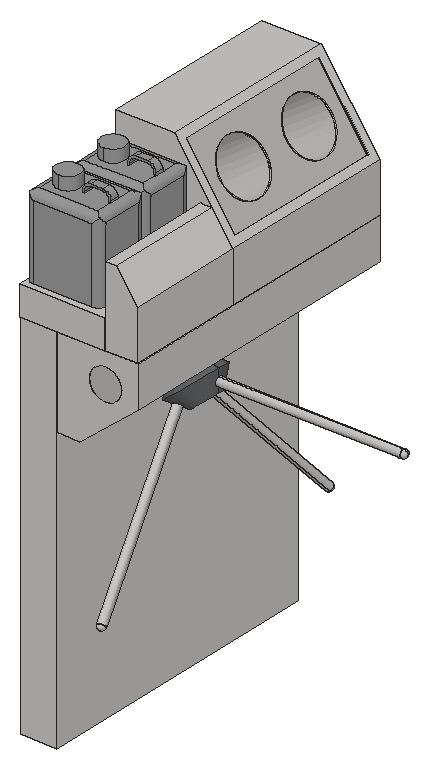
Revit family "CAME_Турникет_Трипод_AVIR_800", category Специальное оборудование, Revit 2019
Family settings
  Размер круглого соединителя = Использовать диаметр
  Тип детали = Нормальный
  На основе рабочей плоскости = Нет
  Всегда вертикально = Да
  При загрузке вырезать с полостями = Нет
  Общий = Нет
  Точка расчета площади = Нет
Parameters
  Описание = "Турникет-трипод электромеханический высокоинтенсивный AVIR 800 со встроенным санитайзером. Корпус и преграды из нержавеющей стали AISI 304. Оснащен платой управления и светодиодными указателями прохода. Стандартные преграждающие планки с гидравлической доводкой и автоматической разблокировкой при отключении электроэнергии. Встроенный блок питания. IP54. Емкость баков 5 + 5 литров. Средний расход антисептика: 1 литр на 110 проходов."
  Минимальная ширина проема = 783 mm  # constant formula
  Изготовитель = "CAME"  # constant formula
  Группа модели = "Турникеты"
  Watermark [instance] = "Модели защищены уникальным кодом"
  URL = "https://camerussia.com"
  CAME_Тип механизма турникета = "электромеханический"  # constant formula
  CAME_Напряжение электропитания двигателя (В) = 24 V  # constant formula
  CAME_Максимальное количество проходов в минуту = "97"  # constant formula
  CAME_Класс защиты (IP) = "54"  # constant formula
  CAME_Интенсивность использования (%) = "ИНТЕНСИВНОЕ"  # constant formula
  CAME_Диапазон рабочих температур (°C) = "-20 ÷ +68"  # constant formula
  BL_Разработано = "support@bimlib.pro"  # constant formula
  BL_Email = "cru.info@came.com"  # constant formula
  BL_BIM library = "https://bimlib.pro/manufacturer/came/cf0b6efe-31e5-4ffa-b7ea-1d6fa84041d4/?tab=products"
  ADSK_Размер_Ширина = 763 mm  # constant formula
  ADSK_Размер_Глубина = 750 mm  # constant formula
  ADSK_Размер_Высота = 1263 mm  # constant formula
  ADSK_Полная мощность = ADSK_Номинальная мощность / ADSK_Коэффициент мощности  # 46.875 VA
  ADSK_Обозначение = "ТУ 26.30.50-001-89603926-2021"  # constant formula
  ADSK_Номинальная мощность = 45 W  # constant formula
  ADSK_Напряжение = 230 V  # constant formula
  ADSK_Наименование краткое = "Турникет-трипод AVIR 800"  # constant formula
  ADSK_Наименование = "Турникет-трипод электромеханический высокоинтенсивный AVIR 800 со встроенным санитайзером"  # constant formula
  ADSK_Масса_Текст = "45 кг"  # constant formula
  ADSK_Масса = 45  # constant formula
  ADSK_Марка = "АРТ:001AVIR800"  # constant formula
  ADSK_Коэффициент мощности = 0.96
  ADSK_Количество фаз = 1  # constant formula
  ADSK_Количество = 1  # constant formula
  ADSK_Код изделия = "Код КСР 26.30.50.119.61.2.07.09"  # constant formula
  ADSK_Классификация нагрузок = Прочее
  ADSK_Завод-изготовитель = "CAME"  # constant formula
  ADSK_Единица измерения = "шт."  # constant formula
  ADSK_Группирование = "AVIR"  # constant formula
  ADSK_Версия семейства = "1.0"  # constant formula
  ADSK_Версия Revit = "2019"  # constant formula
  ADSK_URL страницы изделия = "https://camerussia.com/product/001avir800/"
  ADSK_URL документации изделия = "https://camerussia.com/uploads/support/instructions/files/AVIR%20800%20.pdf"
Reference planes
  plane 1 "По центру (Вперед/Назад)": y = 0
  plane 2: z = 0
  plane 3 "По центру (Влево/Вправо)": x = 0
  plane 4: y = 375
  plane 5: y = -375
  plane 6: z = 1263
  plane 7: x = 763
  plane 8: z = 705
  plane 9: x = 293
  plane 10: x = 783
  plane 11: z = 930
  plane 12: x = 148
  plane 13: x = 90
  plane 14: y = -125
  plane 15: y = -80
  plane 16: z = 1055
Forms (mm)
  Extrusion 1, solid, material "CAME_Сталь_Нержавеющая_AISI 304", detail levels fine
    sketch origin (0, 0, 0) x (1, 0, 0) y (0, 0, 1)
      loop
        line (90, 705) -> (148, 705) -> (293, 826.669) -> (293, 930) -> (90, 930) -> (90, 705)
    from -375 to 375
  Extrusion 2, solid, material "CAME_Стекло_Закаленное_Черное", detail levels fine
    sketch origin (866.16, -375, 1200) x (1, 0, 0) y (0, 0, 1)
      loop
        circle (-653.16, -345) r 40
    from 0 to 2
  Extrusion 3, solid, material "CAME_Стекло_Закаленное_Черное", detail levels fine
    sketch origin (-872.529, 375, 1200) x (-1, 0, 0) y (0, 0, 1)
      loop
        circle (-1085.529, -345) r 40
    from 0 to 2
  Extrusion 4, solid, material "CAME_Сталь_Нержавеющая_AISI 304", detail levels medium
    sketch origin (0, 0, 0) x (1, 0, 0) y (0, 0, 1)
      loop
        line (90, 705) -> (148, 705) -> (293, 826.669) -> (293, 930) -> (0, 930) -> (0, 0) -> (90, 0) -> (90, 705)
    from -375 to 375
  Extrusion 5, solid, material "CAME_Сталь_Нержавеющая_AISI 304", detail levels fine
    sketch origin (0, 0, 0) x (1, 0, 0) y (0, 1, 0)
      loop
        line (0, 375) -> (0, -375) -> (90, -375) -> (90, 375) -> (0, 375)
    from 0 to 930
  Extrusion 6, solid, material "CAME_Сталь_Нержавеющая_AISI 304", detail levels fine
    sketch origin (0, 0, 0) x (1, 0, 0) y (0, 0, 1)
      loop
        line (0, 931) -> (293, 931) -> (293, 1055) -> (147.357, 1263) -> (0, 1263) -> (0, 931)
    from -375 to 80
  Extrusion 7, void
    sketch origin (293, 0, 1055) x (-0.573576, 0, 0.819152) y (0, -1, 0)
      loop
        line (233.921, -355) -> (233.921, 60) -> (20, 60) -> (20, -355) -> (233.921, -355)
    from 0 to -5
  Extrusion 8, void
    sketch origin (288.904, 0, 1052.132) x (-0.573576, 0, 0.819152) y (0, -1, 0)
      loop
        circle (126.961, -45) r 70
      loop
        circle (126.961, -250) r 70
    from 0 to -190
  Extrusion 9, solid, material "CAME_Сталь_Нержавеющая_AISI 304", detail levels medium
    sketch origin (0, 0, 0) x (1, 0, 0) y (0, 0, 1)
      loop
        line (293, 930) -> (293, 1055) -> (147.357, 1263) -> (0, 1263) -> (0, 930) -> (293, 930)
    from -375 to 80
  Extrusion 10, solid, material "CAME_Стекло_Закаленное_Черное", detail levels fine
    sketch origin (288.904, 0, 1052.132) x (-0.573576, 0, 0.819152) y (0, -1, 0)
      loop
        line (233.921, -355) -> (233.921, 60) -> (20, 60) -> (20, -355) -> (233.921, -355)
      loop
        circle (126.961, -45) r 70
      loop
        circle (126.961, -250) r 70
    from 0 to 5
  Extrusion 11, solid, material "CAME_Сталь_Нержавеющая_AISI 304", detail levels medium+fine
    sketch origin (866.16, -375, 1200) x (1, 0, 0) y (0, 0, 1)
      loop
        line (-653.16, -269) -> (-573.16, -269) -> (-573.16, -145) -> (-625.675, -70) -> (-653.16, -70) -> (-653.16, -269)
      loop
        line (-866.16, -195) -> (-866.16, -269) -> (-654.16, -269) -> (-654.16, -195) -> (-866.16, -195)
    from -295 to 2
Cuts and joins
  Extrusion 7, Extrusion 8 cuts Extrusion 6
Lines and regions (mm)
  model lines, style "CAME", detail levels coarse
    curve 1: line (0, 375, 0) -> (293, 375, 0)
    curve 2: line (0, -375, 0) -> (0, 375, 0)
    curve 3: line (293, -375, 0) -> (0, -375, 0)
    curve 4: line (293, 375, 0) -> (293, -375, 0)
    curve 5: line (293, -125, 0) -> (763, -125, 0)
    curve 6: line (293, -125, 0) -> (353.777, 219.683, 0)
    curve 7: line (293, -125, 0) -> (353.777, -469.683, 0)
    curve 8: line (90, 375, 0) -> (90, -375, 0)
Dimensions and locks
  equal spacing: plane 5, plane 1 "По центру (Вперед/Назад)", plane 4
  "ADSK_Размер_Глубина": plane 5 to plane 4
  locked: plane 11 to plane 8 at 225
  "ADSK_Размер_Ширина": plane 3 "По центру (Влево/Вправо)" to plane 7
  "Минимальная ширина проема": plane 3 "По центру (Влево/Вправо)" to plane 10
  locked: plane 3 "По центру (Влево/Вправо)" to plane 9 at 293
  locked: plane 12 to plane 9 at 145
  locked: plane 11 to Extrusion 2 sketch curve at 75
  locked: plane 9 to Extrusion 2 sketch curve at 80
  locked: plane 13 to plane 3 "По центру (Влево/Вправо)" at 90
  locked: plane 5 to plane 14 at 250
  locked: plane 11 to plane 2 at 930
  "ADSK_Размер_Высота": plane 6 to plane 2
  locked: plane 15 to plane 5 at 295
  locked: plane 16 to plane 11 at 125
  Extrusion 6 sketch curve to plane 11 = 1 mm
  locked: Extrusion 6 to Extrusion 7 sketch curve at 20  (x3)
  locked: Extrusion 7 sketch curve to Extrusion 6 at 20
  equal spacing: cut or joined group of Extrusion 6, Extrusion 7, Extrusion 8, Extrusion 8 sketch curve, cut or joined group of Extrusion 6, Extrusion 7, Extrusion 8  (x2)
  locked: Extrusion 8 sketch curve to Extrusion 8 sketch curve at 205
  locked: cut or joined group of Extrusion 6, Extrusion 7, Extrusion 8 to Extrusion 8 sketch curve at 125
  locked: Extrusion 11 sketch curve to plane 11 at 200
  locked: Extrusion 11 sketch curve to plane 11 at 75
  locked: plane 9 to Extrusion 11 sketch curve at 80
  locked: Extrusion 11 sketch curve to Extrusion 11 sketch curve at 1
  locked: plane 8 to Extrusion 1 sketch curve (angle 40.00°)
  locked: Extrusion 6 sketch curve to plane 16 (angle 55.00°)
  aligned and locked: level to plane 2
  aligned and locked: plane 9 to Extrusion 1 sketch curve
  aligned and locked: Extrusion 1 sketch curve to plane 8
  aligned and locked: plane 12 to Extrusion 1 sketch curve
  aligned and locked: plane 11 to Extrusion 1 sketch curve
  aligned and locked: plane 4 to Extrusion 1
  aligned and locked: plane 5 to Extrusion 1
  aligned and locked: Extrusion 3 sketch curve to Extrusion 2  (x2)
  aligned and locked: Extrusion 1 to Extrusion 4 sketch curve
  aligned and locked: Extrusion 4 sketch curve to Extrusion 1  (x2)
  aligned and locked: plane 4 to Extrusion 4
  aligned and locked: plane 5 to Extrusion 4
  aligned and locked: plane 13 to Extrusion 5 sketch curve
  aligned and locked: Extrusion 5 sketch curve to plane 4
  aligned and locked: plane 3 "По центру (Влево/Вправо)" to Extrusion 5 sketch curve
  aligned and locked: Extrusion 5 sketch curve to plane 5
  aligned and locked: plane 11 to Extrusion 5
  aligned and locked: Extrusion 5 to level
  aligned and locked: plane 13 to Extrusion 1 sketch curve
  aligned and locked: plane 3 "По центру (Влево/Вправо)" to Extrusion 4 sketch curve
  aligned and locked: plane 2 to Extrusion 4 sketch curve
  aligned and locked: plane 13 to Extrusion 4 sketch curve
  aligned and locked: nested 1 to plane 14
  aligned and locked: plane 11 to Extrusion 4 sketch curve
  aligned and locked: plane 9 to Extrusion 6 sketch curve
  aligned and locked: plane 16 to Extrusion 6 sketch curve
  aligned and locked: plane 4 to Extrusion 6
  aligned and locked: Extrusion 6 to plane 15
  aligned and locked: Extrusion 9 sketch curve to cut or joined group of Extrusion 6, Extrusion 7, Extrusion 8  (x4)
  aligned and locked: Extrusion 9 sketch curve to plane 11
  aligned and locked: plane 4 to Extrusion 9
  aligned and locked: Extrusion 9 to plane 15
  aligned and locked: Extrusion 10 sketch curve to cut or joined group of Extrusion 6, Extrusion 7, Extrusion 8  (x8)
  aligned and locked: cut or joined group of Extrusion 6, Extrusion 7, Extrusion 8 to Extrusion 11 sketch curve
  aligned and locked: Extrusion 9 to Extrusion 11 sketch curve  (x2)
  aligned and locked: Extrusion 11 sketch curve to Extrusion 9
  aligned and locked: Extrusion 11 sketch curve to cut or joined group of Extrusion 6, Extrusion 7, Extrusion 8
  aligned and locked: plane 15 to Extrusion 11
  aligned and locked: nested 2 to plane 15
  aligned and locked: nested 3 to plane 3 "По центру (Влево/Вправо)"
  aligned and locked: nested 2 to plane 3 "По центру (Влево/Вправо)"
Automatic sketch dimensions
  curve 8 to plane 4 = 0 mm
  Extrusion 6 sketch curve to plane 3 "По центру (Влево/Вправо)" = 0 mm
  Extrusion 6 sketch curve to plane 6 = 0 mm
  curve 2 to plane 3 "По центру (Влево/Вправо)" = 0 mm
  curve 3 to plane 9 = 0 mm
  plane 5 to curve 4 = 0 mm
  curve 5 to plane 7 = 0 mm
  plane 14 to curve 5 = 0 mm
  plane 14 to curve 6 = 0 mm
  plane 9 to curve 6 = 60.777 mm
  curve 6 to plane 4 = 155.317 mm
  plane 14 to curve 7 = 0 mm
  plane 9 to curve 7 = 60.777 mm
  plane 5 to curve 7 = 94.683 mm
  curve 8 to plane 13 = 0 mm
  radius of Extrusion 2 sketch curve = 40 mm
  radius of Extrusion 8 sketch curve = 70 mm  (x2)
Nested families
  nested 1: "CAME_Трипод" at (228.013, -125, 772.139) x (0.766, 0, 0.6428) z (0.6428, 0, -0.766), type "CAME_Трипод"
  nested 2: "CAME_Санитайзер" at (92.5, -150, 1005) x (0, 1, 0) z (0, 0, 1), type "CAME_Санитайзер"
  nested 3: "CAME_Санитайзер" at (92.5, -290, 1005) x (0, 1, 0) z (0, 0, 1), type "CAME_Санитайзер"
Connectors
  electrical at (45, 0, 0), driven by "ADSK_Количество фаз", driven by "ADSK_Напряжение", driven by "ADSK_Полная мощность", driven by "ADSK_Коэффициент мощности"
    settings: on Extrusion 5, index 1, voltage 230 V, apparent load 0 VA, apparent load phase1 46.875 VA, apparent load phase2 0 VA, apparent load phase3 0 VA, power factor 0.96, load classification "Прочее", number of poles 1, system type 31, power factor state 1, is connector primary yes, connector utility no, sub classification motor no, connector description ""
Definition of nested family "CAME_Трипод"
  Parameters (values of type "CAME_Трипод")
    Default Elevation = 1219.2 mm
    Материал крепления = none
    ADSK_Материал = none
  Reference planes
    plane 1 "По центру (Вперед/Назад)": y = 0
    plane 2: z = 0
    plane 3 "По центру (Влево/Вправо)": x = 0
    plane 4: z = 35
    plane 5 "A": through (0, 0, 1200) normal (-0.866, -0.5, 0)
    plane 6 "B": through (0, 0, 1200) normal (0.866, -0.5, 0)
  Forms (mm)
    Revolve 1, solid, material <- "ADSK_Материал", detail levels medium+fine
      sketch origin (0, 0, 0) x (1, 0, 0) y (0, 0, 1)
        loop
          line (62.5, 0) -> (73.667, 13.309) -> (38.314, 55.441) -> (0, 55.441) -> (0, 0) -> (62.5, 0)
        axis (0, 0) -> (0, 55.441)
      angle from 0 to 360
    Revolve 2, solid, material <- "ADSK_Материал", detail levels medium+fine
      sketch origin (0, 0, 0) x (1, 0, 0) y (0, 0, 1)
        loop
          line (47.835, 28.597) -> (54.238, 20.965) -> (414.279, 323.075) -> (407.876, 330.707) -> (47.835, 28.597)
        axis (47.835, 28.597) -> (407.876, 330.707)
      angle from 0 to 360
    Revolve 3, solid, material <- "ADSK_Материал", detail levels medium+fine
      sketch origin (0, 0, 1200) x (0.5, -0.866025, 0) y (0, 0, 1)
        loop
          line (-47.84, -1171.428) -> (-407.21, -869.88) -> (-414.308, -876.978) -> (-54.267, -1179.088) -> (-47.84, -1171.428)
        axis (-47.84, -1171.428) -> (-407.88, -869.318)
      angle from 0 to 360
    Revolve 4, solid, material <- "ADSK_Материал", detail levels medium+fine
      sketch origin (0, 0, 1200) x (0.5, 0.866025, 0) y (0, 0, 1)
        loop
          line (-40.179, -1177.856) -> (-407.21, -869.88) -> (-414.308, -876.978) -> (-46.607, -1185.516) -> (-40.179, -1177.856)
        axis (-40.179, -1177.856) -> (-407.88, -869.318)
      angle from 0 to 360
    Revolve 5, solid, material <- "ADSK_Материал", detail levels fine
      sketch origin (-27.75, -48.064, 35) x (-0.383022, -0.663414, 0.642788) y (-0.321394, -0.55667, -0.766044)
        loop
          line (460, 0) -> (470, 0)
          arc (470, 0) -> (467.071, 7.071) -> (460, 10) r 10
          line (460, 10) -> (460, 0)
        axis (460, 0) -> (470, 0)
      angle from 0 to 360
    Revolve 6, solid, material <- "ADSK_Материал", detail levels fine
      sketch origin (55.466, 0, 35) x (0.766044, 0, 0.642788) y (-0.642788, 0, 0.766044)
        loop
          arc (460.038, -9.962) -> (467.082, -7.044) -> (470, 0) r 9.962
          line (470, 0) -> (460.038, 0) -> (460.038, -9.962)
        axis (460.038, 0) -> (470, 0)
      angle from 0 to 360
    Revolve 7, solid, material <- "ADSK_Материал", detail levels fine
      sketch origin (-27.75, 48.064, 35) x (-0.383022, 0.663414, 0.642788) y (-0.321394, 0.55667, -0.766044)
        loop
          line (460, 0) -> (470, 0)
          arc (470, 0) -> (467.071, 7.071) -> (460, 10) r 10
          line (460, 10) -> (460, 0)
        axis (460, 0) -> (470, 0)
      angle from 0 to 360
  Cuts and joins
    joined: Revolve 1, Revolve 2, Revolve 3, Revolve 4
  Lines and regions (mm)
    reference lines
      curve 1: line (38.314, 0, 55.441) -> (73.667, 0, 13.309)
      curve 2: line (55.466, 0, 35) -> (488.281, 0, 398.175)
      curve 3: circle (0, 0, 35) r 55.5 normal (0, 0, 1)
      curve 4: line (-27.75, 48.064, 35) -> (-152.232, 263.674, 243.906)
      curve 5: line (-27.75, -48.064, 35) -> (-219.261, -379.771, 356.394)
  Dimensions and locks
    locked: plane 4 to plane 2 at 35
    locked: plane 1 "По центру (Вперед/Назад)" to plane 5 "A" (angle 120.00°)
    locked: plane 6 "B" to plane 1 "По центру (Вперед/Назад)" (angle 120.00°)
    angle curve 4 to plane 4 = 40.00°
    aligned and locked: level to plane 2
    aligned and locked: plane 3 "По центру (Влево/Вправо)" to Revolve 1 sketch curve
    aligned and locked: Revolve 1 sketch curve to Revolve 1 sketch curve
    aligned and locked: Revolve 2 sketch curve to curve 2
    aligned and locked: Revolve 3 sketch curve to curve 4
    aligned and locked: Revolve 4 sketch curve to curve 5
    aligned and locked: Revolve 5 sketch curve to curve 5
    aligned and locked: cut or joined group of Revolve 1, Revolve 2, Revolve 3, Revolve 4 to Revolve 5 sketch curve
    aligned and locked: curve 5 to Revolve 5 sketch curve
    aligned and locked: Revolve 6 sketch curve to curve 2
    aligned and locked: Revolve 6 sketch curve to cut or joined group of Revolve 1, Revolve 2, Revolve 3, Revolve 4
    aligned and locked: curve 2 to Revolve 6 sketch curve
    aligned and locked: Revolve 7 sketch curve to curve 4
    aligned and locked: curve 4 to Revolve 7 sketch curve
    aligned and locked: cut or joined group of Revolve 1, Revolve 2, Revolve 3, Revolve 4 to Revolve 7 sketch curve
Definition of nested family "CAME_Санитайзер"
  Parameters
    Материал = none
  Reference planes
    plane 1 "По центру (Вперед/Назад)": y = 0
    plane 2: z = 0
    plane 3 "По центру (Влево/Вправо)": x = 0
    plane 4: x = -70
    plane 5: x = 70
    plane 6: y = 92.5
    plane 7: y = -92.5
    plane 8: z = 205
    plane 9: z = 235
  Forms (mm)
    Extrusion 1, solid, material <- "Материал", detail levels fine
      sketch origin (0, 0, 0) x (0, 1, 0) y (0, 0, 1)
        loop
          line (72.5, 205) -> (-72.5, 205)
          arc (-72.5, 205) -> (-86.642, 199.142) -> (-92.5, 185) r 20
          line (-92.5, 185) -> (-92.5, 0) -> (92.5, 0) -> (92.5, 185)
          arc (92.5, 185) -> (86.642, 199.142) -> (72.5, 205) r 20
      from -70 to 70
    Sweep 2, void
      path origin (70, -552.992, 1200) x (0, -1, 0) y (0, 0, 1)
        loop
          line (-460.492, -1200) -> (-460.492, -995) -> (-645.492, -995) -> (-645.492, -1200)
      profile origin (70, -92.5, 102.5) x (0, 1, 0) y (-1, 0, 0)
        loop
          line (0, 0) -> (20, 0)
          arc (20, 0) -> (5.858, 5.858) -> (0, 20) r 20
          line (0, 20) -> (0, 0)
    Sweep 3, void
      path origin (-70, -552.992, 1200) x (0, -1, 0) y (0, 0, -1)
        loop
          line (-460.492, 1200) -> (-460.492, 995) -> (-645.492, 995) -> (-645.492, 1200)
      profile origin (-70, -92.5, 102.5) x (0, -1, 0) y (1, 0, 0)
        loop
          line (0, 0) -> (0, 20)
          arc (0, 20) -> (-5.858, 5.858) -> (-20, 0) r 20
          line (-20, 0) -> (0, 0)
    Extrusion 4, solid, material <- "Материал", detail levels fine
      sketch origin (0, 0, 0) x (1, 0, 0) y (0, 1, 0)
        loop
          circle (0, 42.5) r 30
      from 205 to 235
    Extrusion 5, solid, material <- "Материал", detail levels fine
      sketch origin (0, 0, 0) x (0, 1, 0) y (0, 0, 1)
        loop
          line (-72.5, 205) -> (-67.5, 205) -> (-67.5, 210)
          arc (-67.5, 210) -> (-63.107, 220.607) -> (-52.5, 225) r 15
          line (-52.5, 225) -> (-22.5, 225)
          arc (-22.5, 225) -> (-11.893, 220.607) -> (-7.5, 210) r 15
          line (-7.5, 210) -> (-7.5, 205) -> (-2.5, 205) -> (-2.5, 210)
          arc (-2.5, 210) -> (-8.358, 224.142) -> (-22.5, 230) r 20
          line (-22.5, 230) -> (-52.5, 230)
          arc (-52.5, 230) -> (-66.642, 224.142) -> (-72.5, 210) r 20
          line (-72.5, 210) -> (-72.5, 205)
      from -10 to 10
    Extrusion 6, solid, material <- "Материал", detail levels medium
      sketch origin (0, 0, 0) x (1, 0, 0) y (0, 0, 1)
        loop
          line (-70, 235) -> (-70, 0) -> (70, 0) -> (70, 235) -> (-70, 235)
      from -92.5 to 92.5
  Cuts and joins
    Sweep 2, Sweep 3 cuts Extrusion 1
    joined: Extrusion 1, Extrusion 4, Extrusion 5
  Dimensions and locks
    plane 6 to plane 1 "По центру (Вперед/Назад)" to plane 7 = 92.5 mm locked, 92.5 mm locked
    plane 4 to plane 3 "По центру (Влево/Вправо)" to plane 5 = 70 mm locked, 70 mm locked
    plane 9 to plane 8 to plane 2 = 30 mm locked, 205 mm locked
    locked: Extrusion 4 sketch curve to plane 6 at 50
    aligned and locked: level to plane 2
    aligned and locked: plane 8 to Extrusion 1 sketch curve
    aligned and locked: Extrusion 1 sketch curve to plane 6
    aligned and locked: Extrusion 1 sketch curve to level
    aligned and locked: Extrusion 1 sketch curve to plane 7
    aligned and locked: Extrusion 1 to plane 4
    aligned and locked: Extrusion 1 to plane 5
    aligned and locked: Sweep 2 sketch curve to plane 8
    aligned and locked: plane 7 to Sweep 2 sketch curve
    aligned and locked: plane 6 to Sweep 2 sketch curve
    aligned and locked: plane 3 "По центру (Влево/Вправо)" to Extrusion 4 sketch curve
    aligned and locked: Extrusion 4 to plane 9
    aligned and locked: Extrusion 5 sketch curve to plane 8  (x2)
    aligned and locked: plane 9 to Extrusion 6 sketch curve
    aligned and locked: plane 4 to Extrusion 6 sketch curve
    aligned and locked: Extrusion 6 sketch curve to cut or joined group of Extrusion 1, Sweep 2, Sweep 3, Extrusion 4, Extrusion 5  (x2)
    aligned and locked: Extrusion 6 to plane 6
    aligned and locked: Extrusion 6 to plane 7
